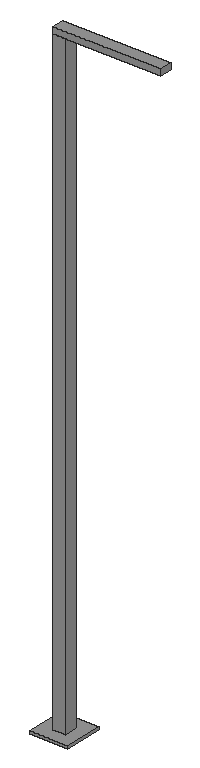
Revit family "23526 Стальной светодиодный столб «Иннополис» Хоббика", category Антураж, Revit 2018
Family settings
  На основе рабочей плоскости = Нет
  Всегда вертикально = Да
  При загрузке вырезать с полостями = Нет
  Источник визуального образа = Геометрия семейства
  Общий = Нет
  Точка расчета площади = Нет
Parameters (values of type "Версия 5,0 м")
  Ширина = 300 mm
  Цвет каркаса = Сталь
  Описание = if([Версия 4,0 м], "Стальной светодиодный столб «Иннополис». Версия 4,0 м (28 Вт)", "Стальной светодиодный столб «Иннополис». Версия 5,0 м (28 Вт)")  # "Стальной светодиодный столб «Иннополис». Версия 5,0 м (28 Вт)"
  Материал изделия = "Сталь"  # constant formula
  Изображение типоразмера = Стальной светодиодный столб «Иннополис» Арт 23526.jpg
  Изготовитель = "ООО «Хоббика»"  # constant formula
  Длина = 950 mm
  Группа модели = "Светильники со стальными опорами"  # constant formula
  Высота = if([Версия 4,0 м], 4000 mm, 5000 mm)  # 5000 mm
  Версия 5,0 м = not([Версия 4,0 м])  # yes
  Версия 4,0 м = no
  Артикул товара = "Арт. 23526"  # constant formula
  URL = "https://hobbyka.ru/product/stalnoy_svetodiodnyy_stolb_innopolis/"
Types (3, lengths in mm): name | Описание | Высота | Версия 5,0 м | Версия 4,0 м
  (no name) | "Стальной светодиодный столб «Иннополис». Версия 5,0 м (28 Вт)" | 5000 | yes | no
  Версия 4,0 м | "Стальной светодиодный столб «Иннополис». Версия 4,0 м (28 Вт)" | 4000 | no | yes
  Версия 5,0 м | "Стальной светодиодный столб «Иннополис». Версия 5,0 м (28 Вт)" | 5000 | yes | no
Reference planes
  plane 1 "По центру (Вперед/Назад)": y = 0
  plane 2: z = 0
  plane 3 "По центру (Влево/Вправо)": x = 0
  plane 4: y = 300
  plane 5: x = 950
  plane 6: z = 5000
  plane 7: z = 4950
  plane 8: z = 4975
Forms (mm)
  Extrusion 1, solid, material "Сталь" <- "Цвет каркаса"
    sketch origin (0, 0, 0) x (1, 0, 0) y (0, 1, 0)
      loop
        line (0, 300) -> (0, 0) -> (300, 0) -> (300, 300) -> (0, 300)
    from 0 to 20
  Extrusion 2, solid, material "Сталь" <- "Цвет каркаса"
    sketch origin (0, 0, 0) x (1, 0, 0) y (0, 1, 0)
      loop
        line (100, 200) -> (100, 100) -> (200, 100) -> (200, 200) -> (100, 200)
    from 20 to 4950
  Extrusion 3, solid, material "Сталь" <- "Цвет каркаса"
    sketch origin (0, 0, 0) x (1, 0, 0) y (0, 0, 1)
      loop
        line (100, 4950) -> (950, 4950) -> (950, 5000) -> (100, 5000) -> (100, 4950)
    from -100 to -200
  Extrusion 4, solid, material "Источник света по умолчанию"
    sketch origin (0, 0, 0) x (1, 0, 0) y (0, 1, 0)
      loop
        line (925, 175) -> (825, 175) -> (825, 125) -> (925, 125) -> (925, 175)
      loop
        line (800, 175) -> (700, 175) -> (700, 125) -> (800, 125) -> (800, 175)
    from 4950 to 4975
  Extrusion 5, void
    sketch origin (0, 0, 0) x (1, 0, 0) y (0, 1, 0)
      loop
        line (700, 175) -> (700, 125) -> (800, 125) -> (800, 175) -> (700, 175)
      loop
        line (825, 175) -> (825, 125) -> (925, 125) -> (925, 175) -> (825, 175)
    from 4950 to 4975
Cuts and joins
  Extrusion 5 cuts Extrusion 3
Dimensions and locks
  "Длина": plane 3 "По центру (Влево/Вправо)" to plane 5
  "Ширина": plane 4 to plane 1 "По центру (Вперед/Назад)"
  "Высота": plane 6 to plane 2
  locked: plane 7 to plane 6 at 50
  equal spacing: plane 6, plane 8, plane 7
  aligned and locked: level to plane 2
  aligned and locked: Extrusion 3 sketch curve to Extrusion 2  (x2)
  aligned and locked: plane 6 to Extrusion 3 sketch curve
  aligned and locked: plane 5 to Extrusion 3 sketch curve
  aligned and locked: Extrusion 3 to Extrusion 2  (x2)
  aligned and locked: plane 7 to Extrusion 2
  aligned and locked: plane 8 to Extrusion 4
  aligned and locked: Extrusion 4 to plane 7
  aligned and locked: plane 8 to Extrusion 5
  aligned and locked: Extrusion 5 to Extrusion 4
  aligned and locked: Extrusion 5 to plane 7
Automatic sketch dimensions
  plane 1 "По центру (Вперед/Назад)" to Extrusion 1 sketch curve = 0 mm
  Extrusion 1 sketch curve to plane 3 "По центру (Влево/Вправо)" = 0 mm
  Extrusion 1 sketch curve to plane 4 = 0 mm
  plane 3 "По центру (Влево/Вправо)" to Extrusion 1 sketch curve = 300 mm
  Extrusion 2 sketch curve to plane 1 "По центру (Вперед/Назад)" = 100 mm
  plane 3 "По центру (Влево/Вправо)" to Extrusion 2 sketch curve = 100 mm
  Extrusion 2 sketch curve to plane 4 = 100 mm
  plane 3 "По центру (Влево/Вправо)" to Extrusion 2 sketch curve = 200 mm
  Extrusion 4 sketch curve to plane 4 = 125 mm
  Extrusion 4 sketch curve to plane 5 = 250 mm
  Extrusion 4 sketch curve to Extrusion 4 sketch curve = 100 mm
  Extrusion 4 sketch curve to Extrusion 4 sketch curve = 25 mm
  Extrusion 4 sketch curve to plane 5 = 25 mm
  Extrusion 4 sketch curve to Extrusion 4 sketch curve = 50 mm  (x2)
  Extrusion 4 sketch curve to Extrusion 4 sketch curve = 0 mm
  Extrusion 5 sketch curve to plane 1 "По центру (Вперед/Назад)" = 125 mm  (x2)
  Extrusion 5 sketch curve to plane 5 = 250 mm
  Extrusion 5 sketch curve to Extrusion 5 sketch curve = 100 mm
  Extrusion 5 sketch curve to Extrusion 5 sketch curve = 25 mm
  Extrusion 5 sketch curve to plane 5 = 25 mm
  Extrusion 5 sketch curve to Extrusion 5 sketch curve = 50 mm  (x2)
